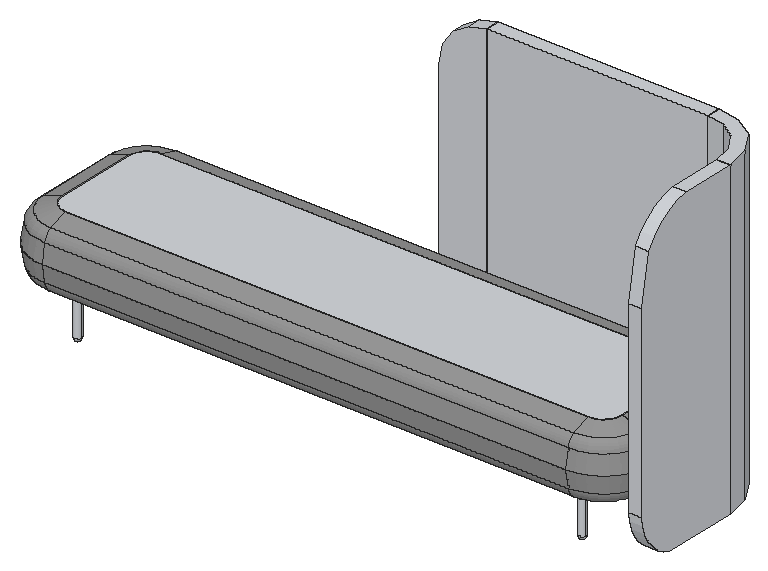
Revit family "Bernhardt-Design_Seating_ChapelleL_3-Seat_Right-Facing_Half-Wall", category Furniture, Revit 2013
Parameters (values of type "3 Seat Right Facing Half Wall")
  Model = "Chapelle"
  Mid Wall = 4' - 1.80644"
  Length = 8' - 1 1/2"
  Description = "Seating"
  Width = 2' - 4 1/4"
  URL = "http://bernhardtdesign.com/"
  Product Page URL = "http://www.bernhardtdesign.com/products/chapelle/index.html"
  Product Name = "Chapelle"
  Product Documentation Link = "http://www.bernhardtdesign.com/pdf/pricelists/sofas/Chapelle_PL.pdf"
  Manufacturer = "Bernhardt "  # constant formula
  Level Certification = ""
  Height = 3' - 11 3/8"
  GreenGuard Certification = ""
  Bernhardt Fabric = none
  Back Half Wall Measure = 1' - 5.7797"
  Back Half Wall = 2' - 9"
Reference planes (in)
  plane 1 "Center (Front/Back)": y = 0
  plane 2 "Bottom": z = 0
  plane 3 "Center (Left/Right)": x = 0
  plane 4: x = -24.90322
  plane 5: x = 24.90322
  plane 6 "Total Height": z = 47.375
  plane 7 "Seat Height": z = 16.87819
  plane 8 "Base": z = 0.76323
  plane 9: y = -1.50846
  plane 10: y = -18.00846
  plane 11 "seat front edge": y = -20.50934
  plane 12: x = -8.09678
Forms (in)
  Extrusion 1, solid
    sketch origin (0, 0, 0) x (1, 0, 0) y (0, 1, 0)
      loop
        line (-8.09678, 8.08149) -> (-8.09678, 6.08149) -> (24.90322, 6.08149) -> (24.90322, 8.08149) -> (-8.09678, 8.08149)
    from 0.76323 to 47.375
  Extrusion 2, solid
    sketch origin (0, 0, 0) x (1, 0, 0) y (0, 1, 0)
      loop
        line (24.90322, 8.08149) -> (24.90322, 6.03681) -> (27.54834, 5.47458) -> (30.03641, 3.8588) -> (31.64539, 1.38119) -> (32.2596, -1.50846) -> (34.30429, -1.50846) -> (33.52462, 2.15959) -> (31.48222, 5.30461) -> (28.32674, 7.3538) -> (24.90322, 8.08149)
    from 0.76323 to 47.375
  Extrusion 3, solid
    sketch origin (0, 0, 0) x (1, 0, 0) y (0, 1, 0)
      loop
        line (34.30429, -1.50846) -> (32.30429, -1.50846) -> (32.30429, -18.00846) -> (34.30429, -18.00846) -> (34.30429, -1.50846)
    from 0.76323 to 47.375
  Extrusion 4, void
    sketch origin (0, 0, 0) x (0, 1, 0) y (0, 0, 1)
      loop
        line (-9.75846, 47.375) -> (-9.75846, 53.875) -> (-24.50846, 53.875) -> (-18.00846, 29.97832)
        arc (-18.00846, 29.97832) -> (-17.92454, 36.30552) -> (-16.7009, 42.51385) r 34.94218
        arc (-16.7009, 42.51385) -> (-13.79438, 45.75091) -> (-9.75846, 47.375) r 9.61187
      loop
        line (-18.00846, 7.50157) -> (-23.08796, -4.465) -> (-12.78184, 0.76323)
        arc (-12.78184, 0.76323) -> (-16.52625, 3.25506) -> (-18.00846, 7.50157) r 7.06609
    from 0 to 44.91622
  Extrusion 5, solid
    sketch origin (0, 0, 0) x (1, 0, 0) y (0, 0, 1)
      loop
        line (-8.09678, 47.375) -> (-10.76509, 46.70971) -> (-13.09722, 45.25244) -> (-14.635, 42.97258) -> (-15.20743, 40.0277) -> (-15.20743, 7.5277) -> (-14.7299, 4.81948) -> (-13.15256, 2.56681) -> (-10.8999, 0.98948) -> (-8.09678, 0.40493) -> (-8.09678, 47.375)
    from -8.08149 to -6.08149
Cuts and joins
  Extrusion 4 cuts Extrusion 3
Lines and regions (in)
  symbolic lines
    curve 1: arc (-52.94637, 5.74652, 0) -> (-57.89612, 3.69626, 0) -> (-59.94637, -1.25348, 0) r 7
    curve 2: arc (-59.94637, -13.65652, 0) -> (-57.89612, -18.60626, 0) -> (-52.94637, -20.65652, 0) r 7
    curve 3: arc (32.05363, -13.65652, 0) -> (30.00337, -18.60626, 0) -> (25.05363, -20.65652, 0) r 7
    curve 4: line (24.69301, 6.08149, 0) -> (27.54834, 5.47458, 0)
    curve 5: line (27.54834, 5.47458, 0) -> (30.03641, 3.8588, 0)
    curve 6: line (30.03641, 3.8588, 0) -> (31.64539, 1.38119, 0)
    curve 7: line (31.64539, 1.38119, 0) -> (32.30429, -1.71867, 0)
    curve 8: line (32.30429, -1.71867, 0) -> (32.30429, -18.00846, 0)
    curve 9: line (32.30429, -18.00846, 0) -> (34.30429, -18.00846, 0)
    curve 10: line (34.30429, -18.00846, 0) -> (34.30429, -1.50846, 0)
    curve 11: line (34.30429, -1.50846, 0) -> (33.52462, 2.15959, 0)
    curve 12: line (33.52462, 2.15959, 0) -> (31.48222, 5.30461, 0)
    curve 13: line (31.48222, 5.30461, 0) -> (28.32674, 7.3538, 0)
    curve 14: line (28.32674, 7.3538, 0) -> (24.90322, 8.08149, 0)
    curve 15: line (24.90322, 8.08149, 0) -> (-8.09678, 8.08149, 0)
    curve 16: line (-8.09678, 6.08149, 0) -> (24.69301, 6.08149, 0)
    curve 17: line (-15.20743, 8.08149, 0) -> (-15.20743, 6.08149, 0)
    curve 18: line (-8.09678, 8.08149, 0) -> (-15.20743, 8.08149, 0)
    curve 19: line (-15.20743, 6.08149, 0) -> (-8.09678, 6.08149, 0)
    curve 20: line (-59.94637, -1.25348, 0) -> (-59.94637, -13.65652, 0)
    curve 21: line (-52.94637, -20.65652, 0) -> (25.05363, -20.65652, 0)
    curve 22: line (-52.94637, 5.74652, 0) -> (25.55363, 5.74652, 0)
    curve 23: line (32.05363, -13.65652, 0) -> (32.05363, -0.5394, 0)
Dimensions and locks (in)
  "Height": plane 6 "Total Height" to level
  Extrusion 3 to plane 1 "Center (Front/Back)" = 0' - 1.50846"
  "Back Half Wall": plane 12 to plane 5
  locked: plane 12 to cut or joined group of Extrusion 3, Extrusion 4 at 40.40106
  aligned and locked: plane 2 "Bottom" to level
  aligned and locked: Extrusion 1 sketch curve to plane 5
  aligned and locked: Extrusion 1 to plane 8 "Base"
  aligned and locked: plane 6 "Total Height" to Extrusion 1
  aligned and locked: plane 6 "Total Height" to Extrusion 2
  aligned and locked: Extrusion 2 to plane 8 "Base"
  aligned and locked: Extrusion 1 to Extrusion 3
  aligned and locked: Extrusion 3 to plane 8 "Base"
  aligned and locked: plane 6 "Total Height" to Extrusion 3
  aligned and locked: Extrusion 2 to Extrusion 1  (x2)
  aligned and locked: Extrusion 3 to Extrusion 2
  aligned and locked: Extrusion 5 sketch curve to plane 12
  aligned and locked: Extrusion 1 to Extrusion 5
  aligned and locked: Extrusion 5 to Extrusion 1
Automatic sketch dimensions
  Extrusion 2 sketch curve to plane 5 = 0' - 0"
  Extrusion 2 sketch curve to plane 1 "Center (Front/Back)" = 0' - 1.38119"
  plane 5 to Extrusion 2 sketch curve = 0' - 2.64512"
  Extrusion 2 sketch curve to Extrusion 2 sketch curve = 0' - 0.7784"
  Extrusion 2 sketch curve to Extrusion 2 sketch curve = 0' - 2.48808"
  Extrusion 2 sketch curve to Extrusion 2 sketch curve = 0' - 1.44581"  (x2)
  Extrusion 2 sketch curve to Extrusion 2 sketch curve = 0' - 1.60898"
  Extrusion 2 sketch curve to plane 1 "Center (Front/Back)" = 0' - 2.15959"
  Extrusion 2 sketch curve to Extrusion 2 sketch curve = 0' - 1.87923"  (x2)
  Extrusion 2 sketch curve to Extrusion 2 sketch curve = 0' - 0.61421"
  Extrusion 2 sketch curve to Extrusion 2 sketch curve = 0' - 2.04468"  (x2)
  plane 1 "Center (Front/Back)" to Extrusion 2 sketch curve = 0' - 1.50846"
  Extrusion 2 sketch curve to Extrusion 2 sketch curve = 0' - 2.47761"
  Extrusion 2 sketch curve to Extrusion 2 sketch curve = 0' - 1.61577"
  Extrusion 2 sketch curve to Extrusion 2 sketch curve = 0' - 0.72769"
  plane 5 to Extrusion 3 sketch curve = 0' - 7.40106"
  plane 1 "Center (Front/Back)" to Extrusion 3 sketch curve = 1' - 6.00846"
  Extrusion 3 sketch curve to Extrusion 3 sketch curve = 0' - 2"
  plane 1 "Center (Front/Back)" to Extrusion 3 sketch curve = 0' - 1.50846"
  Extrusion 4 sketch curve to plane 8 "Base" = 0' - 0"
  Extrusion 4 sketch curve to plane 6 "Total Height" = 0' - 0"
  plane 6 "Total Height" to Extrusion 4 sketch curve = 0' - 6 1/2"
  plane 1 "Center (Front/Back)" to Extrusion 4 sketch curve = 2' - 0.50846"
  Extrusion 4 sketch curve to level = 0' - 4.465"
  plane 1 "Center (Front/Back)" to Extrusion 4 sketch curve = 1' - 11.08796"
  plane 7 "Seat Height" to Extrusion 4 sketch curve = 1' - 1.10012"
  plane 1 "Center (Front/Back)" to Extrusion 4 sketch curve = 1' - 6.00846"
  plane 8 "Base" to Extrusion 4 sketch curve = 0' - 6.73834"
  Extrusion 4 sketch curve to Extrusion 4 sketch curve = 0' - 5.0795"
  Extrusion 4 sketch curve to Extrusion 4 sketch curve = 0' - 5.22662"
  plane 1 "Center (Front/Back)" to Extrusion 4 sketch curve = 0' - 9.75846"
  Extrusion 4 sketch curve to plane 6 "Total Height" = 0' - 4.86115"
  Extrusion 4 sketch curve to Extrusion 4 sketch curve = 0' - 6.94244"
  plane 8 "Base" to Extrusion 4 sketch curve = 0' - 6.8226"
  plane 1 "Center (Front/Back)" to Extrusion 4 sketch curve = 0' - 8 9/32"
  Extrusion 4 sketch curve to plane 6 "Total Height" = 1' - 2.69456"
  Extrusion 1 sketch curve to plane 1 "Center (Front/Back)" = 0' - 6.08149"
  Extrusion 1 sketch curve to Extrusion 1 sketch curve = 0' - 2"
  Extrusion 1 sketch curve to plane 12 = 0' - 0"
  Extrusion 5 sketch curve to plane 6 "Total Height" = 0' - 0"
  Extrusion 5 sketch curve to plane 8 "Base" = 0' - 0.3583"
  Extrusion 5 sketch curve to plane 6 "Total Height" = 0' - 0.66529"
  plane 12 to Extrusion 5 sketch curve = 0' - 2.66831"
  plane 8 "Base" to Extrusion 5 sketch curve = 0' - 0.22625"
  plane 12 to Extrusion 5 sketch curve = 0' - 2.80312"
  Extrusion 5 sketch curve to plane 6 "Total Height" = 0' - 2.12256"
  Extrusion 5 sketch curve to Extrusion 5 sketch curve = 0' - 2.33213"
  plane 8 "Base" to Extrusion 5 sketch curve = 0' - 1.80358"
  Extrusion 5 sketch curve to Extrusion 5 sketch curve = 0' - 2.25267"  (x2)
  Extrusion 5 sketch curve to Extrusion 5 sketch curve = 0' - 1.53778"
  Extrusion 5 sketch curve to Extrusion 5 sketch curve = 0' - 1.57734"
  Extrusion 5 sketch curve to Extrusion 5 sketch curve = 0' - 0.57243"
  Extrusion 5 sketch curve to Extrusion 5 sketch curve = 0' - 2.70822"
  Extrusion 5 sketch curve to Extrusion 5 sketch curve = 0' - 5.22473"
  Extrusion 5 sketch curve to Extrusion 5 sketch curve = 0' - 2.27985"
  curve 19 to plane 12 = 0' - 0"
  curve 18 to plane 12 = 0' - 0"
  curve 14 to plane 5 = 0' - 0"
  plane 10 to curve 9 = 0' - 0"
  plane 9 to curve 11 = 0' - 0"
  curve 21 to plane 11 "seat front edge" = 0' - 0.14718"
  curve 17 to curve 15 = 0' - 7.11065"
  plane 4 to curve 21 = 2' - 4.04315"
  curve 22 to plane 1 "Center (Front/Back)" = 0' - 5.74652"
  curve 22 to curve 2 = 0' - 0"
  curve 20 to plane 10 = 0' - 4.35194"
  curve 4 to plane 5 = 0' - 0.21021"
  plane 5 to curve 21 = 0' - 0.1504"
  plane 5 to curve 4 = 0' - 2.64512"
  curve 4 to curve 13 = 0' - 0.7784"
  curve 4 to curve 6 = 0' - 2.48808"
  curve 5 to curve 13 = 0' - 1.44581"
  curve 5 to curve 6 = 0' - 1.60898"
  plane 9 to curve 7 = 0' - 0.21021"
  curve 6 to curve 7 = 0' - 0.6589"
  curve 11 to plane 1 "Center (Front/Back)" = 0' - 2.15959"
  curve 6 to curve 11 = 0' - 1.87923"
  curve 7 to curve 11 = 0' - 2"
  plane 5 to curve 22 = 0' - 0.6504"
  curve 23 to curve 8 = 0' - 0.25066"
  curve 6 to curve 5 = 0' - 2.47761"
  curve 5 to curve 12 = 0' - 1.44581"
  curve 4 to curve 22 = 0' - 0.27194"
  curve 22 to curve 16 = 0' - 0.33498"
  curve 4 to curve 13 = 0' - 1.87923"
  curve 16 to curve 15 = 0' - 2"
  plane 1 "Center (Front/Back)" to curve 23 = 0' - 0.5394"
Nested families (in)
  nested 1: "Bernhardt-Design_Seating_ChapelleL_3-Seat_Bench" at (-14.10445, 10.96527, 0), type "3 seater bench"
Definition of nested family "Bernhardt-Design_Seating_ChapelleL_3-Seat_Bench"
  Parameters (values of type "3 seater bench")
    Width = 1' - 10 7/8"
    Model = "Chapelle 3 Seat Bench"
    Manufacturer = "Bernhardt"
    Length = 7' - 8"
    Height = 1' - 6"
    Description = "Seating"
    Bernhardt Metal = none
    Bernhardt Fabrics = Fabric-Bernhardt-White
  Reference planes (in)
    plane 1: z = 0
    plane 2: z = 47.125
    plane 3: y = -5.21875
    plane 4 "mid seat": z = 11.85004
    plane 5 "op seat": z = 16.98912
    plane 6: x = -1.59193
    plane 7 "front edge of bench": y = -31.62178
    plane 8 "Bench center": y = -18.53536
    plane 9: x = -45.84193
    plane 10: x = -37.46693
    plane 11: y = -10.00733
    plane 12: y = -26.79581
    plane 13: x = 46.15807
    plane 14: x = 37.78307
    plane 15: z = 11.85004
  Forms (in)
    Revolve 1, solid
      sketch origin (-15.73798, -26.79581, 0) x (0, 0, -1) y (1, 0, 0)
        loop
          line (-6.88986, -21.72633) -> (0, -21.72633)
          arc (0, -21.72633) -> (-0.20612, -21.34815) -> (-0.60963, -21.19754) r 0.6158
          line (-0.60963, -21.19754) -> (-5.60963, -21.19754)
          arc (-5.60963, -21.19754) -> (-6.34307, -20.9291) -> (-6.71097, -20.24015) r 1.0948
          line (-6.71097, -20.24015) -> (-6.83424, -20.24015) -> (-6.88986, -20.44772) -> (-6.88986, -21.72633)
        axis (-6.88986, -21.72633) -> (0, -21.72633)
      angle from 0 to 360
    Revolve 2, solid
      sketch origin (-15.66149, -10.00733, 0) x (0, 0, -1) y (-1, 0, 0)
        loop
          line (-6.88986, 21.72633) -> (-6.88986, 20.44772) -> (-6.83424, 20.24015) -> (-6.71097, 20.24015)
          arc (-6.71097, 20.24015) -> (-6.34307, 20.9291) -> (-5.60963, 21.19754) r 1.0948
          line (-5.60963, 21.19754) -> (-0.60963, 21.19754)
          arc (-0.60963, 21.19754) -> (-0.20612, 21.34815) -> (0, 21.72633) r 0.6158
          line (0, 21.72633) -> (-6.88986, 21.72633)
        axis (-6.88986, 21.72633) -> (0, 21.72633)
      angle from 0 to 360
    Sweep 3, solid, material "Fabric-Bernhardt-White"
      path origin (0, 0, 6.71097) x (0, 1, 0) y (-1, 0, 0)
        loop
          arc (-5.21875, 38.84193) -> (-7.269, 43.79167) -> (-12.21875, 45.84193) r 7
          line (-12.21875, 45.84193) -> (-24.62178, 45.84193)
          arc (-24.62178, 45.84193) -> (-29.57153, 43.79167) -> (-31.62178, 38.84193) r 7
          line (-31.62178, 38.84193) -> (-31.62178, -39.15807)
          arc (-31.62178, -39.15807) -> (-29.57153, -44.10782) -> (-24.62178, -46.15807) r 7
          line (-24.62178, -46.15807) -> (-12.21875, -46.15807)
          arc (-12.21875, -46.15807) -> (-7.269, -44.10782) -> (-5.21875, -39.15807) r 7
          line (-5.21875, -39.15807) -> (-5.21875, 38.84193)
      profile origin (0.15807, -5.21875, 6.71097) x (0, 1, 0) y (0, 0, 1)
        loop
          line (0, 5.13907) -> (-4.32844, 5.13907) -> (-4.32844, 0) -> (-1.55892, 0.88647)
          arc (-1.55892, 0.88647) -> (-0.84704, 1.53879) -> (-0.47753, 2.43085) r 2.23055
          line (-0.47753, 2.43085) -> (0, 5.13907)
    Extrusion 4, solid
      sketch origin (0, 0, 16.98912) x (-1, 0, 0) y (0, -1, 0)
        loop
          arc (-39.15807, 27.29334) -> (-41.04715, 26.51086) -> (-41.82963, 24.62178) r 2.67156
          line (-41.82963, 24.62178) -> (-41.82963, 12.21875)
          arc (-41.82963, 12.21875) -> (-41.04715, 10.32967) -> (-39.15807, 9.54719) r 2.67156
          line (-39.15807, 9.54719) -> (38.84193, 9.54719)
          arc (38.84193, 9.54719) -> (40.731, 10.32967) -> (41.51348, 12.21875) r 2.67156
          line (41.51348, 12.21875) -> (41.51348, 24.62178)
          arc (41.51348, 24.62178) -> (40.731, 26.51086) -> (38.84193, 27.29334) r 2.67156
          line (38.84193, 27.29334) -> (-39.15807, 27.29334)
      from 0 to -5.13907
    Revolve 5, solid
      sketch origin (12.55413, -26.79581, 0) x (0, 0, -1) y (1, 0, 0)
        loop
          line (-6.88986, 25.22633) -> (-6.88986, 23.94772) -> (-6.83424, 23.74015) -> (-6.71097, 23.74015)
          arc (-6.71097, 23.74015) -> (-6.34307, 24.4291) -> (-5.60963, 24.69754) r 1.0948
          line (-5.60963, 24.69754) -> (-0.60963, 24.69754)
          arc (-0.60963, 24.69754) -> (-0.20612, 24.84815) -> (0, 25.22633) r 0.6158
          line (0, 25.22633) -> (-6.88986, 25.22633)
        axis (-6.88986, 25.22633) -> (0, 25.22633)
      angle from 0 to 360
    Revolve 6, solid
      sketch origin (12.47764, -10.00733, 0) x (0, 0, -1) y (-1, 0, 0)
        loop
          line (-6.88986, -25.22633) -> (0, -25.22633)
          arc (0, -25.22633) -> (-0.20612, -24.84815) -> (-0.60963, -24.69754) r 0.6158
          line (-0.60963, -24.69754) -> (-5.60963, -24.69754)
          arc (-5.60963, -24.69754) -> (-6.34307, -24.4291) -> (-6.71097, -23.74015) r 1.0948
          line (-6.71097, -23.74015) -> (-6.83424, -23.74015) -> (-6.88986, -23.94772) -> (-6.88986, -25.22633)
        axis (-6.88986, -25.22633) -> (0, -25.22633)
      angle from 0 to 360
    Sweep 7, solid, material "Fabric-Bernhardt-White"
      path origin (0, 0, 16.98912) x (-1, 0, 0) y (0, -1, 0)
        loop
          arc (38.84193, 5.21875) -> (43.79167, 7.269) -> (45.84193, 12.21875) r 7
          line (45.84193, 12.21875) -> (45.84193, 24.62178)
          arc (45.84193, 24.62178) -> (43.79167, 29.57153) -> (38.84193, 31.62178) r 7
          line (38.84193, 31.62178) -> (-39.15807, 31.62178)
          arc (-39.15807, 31.62178) -> (-44.10782, 29.57153) -> (-46.15807, 24.62178) r 7
          line (-46.15807, 24.62178) -> (-46.15807, 12.21875)
          arc (-46.15807, 12.21875) -> (-44.10782, 7.269) -> (-39.15807, 5.21875) r 7
          line (-39.15807, 5.21875) -> (38.84193, 5.21875)
      profile origin (0.15807, -5.21875, 16.98912) x (0, 1, 0) y (0, 0, 1)
        loop
          line (0, -5.13907) -> (-0.47753, -2.43085)
          arc (-0.47753, -2.43085) -> (-0.84704, -1.53879) -> (-1.55892, -0.88647) r 2.23055
          line (-1.55892, -0.88647) -> (-4.32844, 0) -> (-4.32844, -5.13907) -> (0, -5.13907)
  Lines and regions (in)
    symbolic lines
      curve 1: arc (-38.84193, -5.21875, 16.98912) -> (-43.79167, -7.269, 16.98912) -> (-45.84193, -12.21875, 16.98912) r 7
      curve 2: arc (-45.84193, -24.62178, 16.98912) -> (-43.79167, -29.57153, 16.98912) -> (-38.84193, -31.62178, 16.98912) r 7
      curve 3: line (-45.84193, -12.21875, 16.98912) -> (-45.84193, -24.62178, 16.98912)
      curve 4: arc (39.15807, -5.21875, 16.98912) -> (44.10782, -7.269, 16.98912) -> (46.15807, -12.21875, 16.98912) r 7
      curve 5: arc (46.15807, -24.62178, 16.98912) -> (44.10782, -29.57153, 16.98912) -> (39.15807, -31.62178, 16.98912) r 7
      curve 6: line (46.15807, -12.21875, 16.98912) -> (46.15807, -24.62178, 16.98912)
      curve 7: line (-38.84193, -5.21875, 16.98912) -> (39.15807, -5.21875, 16.98912)
      curve 8: line (-38.84193, -31.62178, 16.98912) -> (39.15807, -31.62178, 16.98912)
  Dimensions and locks (in)
    locked: plane 2 to level at 47.125
    locked: plane 9 to plane 10 at 8.375
    locked: plane 13 to plane 14 at 8.375
    "Length": plane 9 to plane 13
    plane 3 to plane 11 to plane 8 "Bench center" = 0' - 4.78858", 0' - 8.52803"
    plane 8 "Bench center" to plane 12 to plane 7 "front edge of bench" = 0' - 8.26046", 0' - 4.82597"
    plane 15 to plane 5 "op seat" to plane 2 = 0' - 5.13907", 2' - 6.13588"
    aligned and locked: level to plane 1
    aligned and locked: Extrusion 4 to plane 4 "mid seat"
    aligned and locked: plane 11 to Revolve 2
    aligned and locked: plane 12 to Revolve 1
    aligned and locked: plane 9 to Sweep 3 sketch curve
    aligned and locked: plane 13 to Sweep 3 sketch curve
    aligned and locked: Extrusion 4 to Sweep 3  (x2)
  Automatic sketch dimensions
    Revolve 1 sketch curve to level = 0' - 0"  (x2)
    plane 10 to Revolve 1 sketch curve = 0' - 0.00262"
    level to Revolve 1 sketch curve = 0' - 0.60963"
    plane 10 to Revolve 1 sketch curve = 0' - 0.53141"
    Revolve 1 sketch curve to Revolve 1 sketch curve = 0' - 5"
    Revolve 1 sketch curve to Revolve 1 sketch curve = 0' - 1.10134"
    plane 10 to Revolve 1 sketch curve = 0' - 1.48879"
    Revolve 1 sketch curve to Revolve 1 sketch curve = 0' - 0.12327"
    Revolve 1 sketch curve to Revolve 1 sketch curve = 0' - 1.28023"
    Revolve 1 sketch curve to Revolve 1 sketch curve = 0' - 0"  (x2)
    Revolve 1 sketch curve to Revolve 1 sketch curve = 0' - 1.08616"
    Revolve 1 sketch curve to Revolve 1 sketch curve = 0' - 0.20756"
    Revolve 2 sketch curve to level = 0' - 0"  (x2)
    plane 10 to Revolve 2 sketch curve = 0' - 1.56528"
    level to Revolve 2 sketch curve = 0' - 0.60963"
    plane 10 to Revolve 2 sketch curve = 0' - 0.6079"
    Revolve 2 sketch curve to Revolve 2 sketch curve = 0' - 5"
    Revolve 2 sketch curve to Revolve 2 sketch curve = 0' - 1.10134"
    Revolve 2 sketch curve to Revolve 2 sketch curve = 0' - 0.12327"
    plane 10 to Revolve 2 sketch curve = 0' - 0.07911"
    Revolve 2 sketch curve to Revolve 2 sketch curve = 0' - 1.28023"
    Revolve 2 sketch curve to Revolve 2 sketch curve = 0' - 0"  (x2)
    Revolve 2 sketch curve to Revolve 2 sketch curve = 0' - 0.01519"
    Revolve 2 sketch curve to Revolve 2 sketch curve = 0' - 0.20756"
    Sweep 3 sketch curve to plane 7 "front edge of bench" = 0' - 0"
    plane 3 to Sweep 3 sketch curve = 0' - 0"
    Sweep 3 sketch curve to plane 14 = 0' - 1 3/8"
    Sweep 3 sketch curve to plane 12 = 0' - 2.17403"
    plane 11 to Sweep 3 sketch curve = 0' - 2.21142"  (x2)
    Sweep 3 sketch curve to profile plane = 0' - 0"  (x2)
    profile plane to Sweep 3 sketch curve = 0' - 0.88647"
    profile plane to Sweep 3 sketch curve = 0' - 0.47753"
    profile plane to Sweep 3 sketch curve = 0' - 1.55892"
    Sweep 3 sketch curve to Sweep 3 sketch curve = 0' - 2 197/256"
    Sweep 3 sketch curve to Sweep 3 sketch curve = 0' - 2.19666"
    Sweep 3 sketch curve to Sweep 3 sketch curve = 0' - 1.54438"
    Sweep 3 sketch curve to Sweep 3 sketch curve = 0' - 2.70822"
    Extrusion 4 sketch curve to plane 14 = 0' - 4.04656"
    Extrusion 4 sketch curve to plane 11 = 0' - 0.46014"
    Extrusion 4 sketch curve to plane 14 = 0' - 1 3/8"  (x2)
    plane 12 to Extrusion 4 sketch curve = 0' - 0.49752"
    Extrusion 4 sketch curve to plane 10 = 0' - 1 3/8"  (x2)
    Extrusion 4 sketch curve to plane 12 = 0' - 2.17403"
    Revolve 5 sketch curve to level = 0' - 0"  (x2)
    plane 14 to Revolve 5 sketch curve = 0' - 1.48879"
    level to Revolve 5 sketch curve = 0' - 0.60963"
    plane 14 to Revolve 5 sketch curve = 0' - 0.53141"
    Revolve 5 sketch curve to Revolve 5 sketch curve = 0' - 5"
    Revolve 5 sketch curve to Revolve 5 sketch curve = 0' - 1.10134"
    Revolve 5 sketch curve to Revolve 5 sketch curve = 0' - 0.12327"
    plane 14 to Revolve 5 sketch curve = 0' - 0.00262"
    Revolve 5 sketch curve to Revolve 5 sketch curve = 0' - 1.28023"
    Revolve 5 sketch curve to Revolve 5 sketch curve = 0' - 0"  (x2)
    Revolve 5 sketch curve to Revolve 5 sketch curve = 0' - 0.01519"
    Revolve 5 sketch curve to Revolve 5 sketch curve = 0' - 0.20756"
    Revolve 6 sketch curve to level = 0' - 0"  (x2)
    plane 14 to Revolve 6 sketch curve = 0' - 0.07911"
    level to Revolve 6 sketch curve = 0' - 0.60963"
    plane 14 to Revolve 6 sketch curve = 0' - 0.6079"
    Revolve 6 sketch curve to Revolve 6 sketch curve = 0' - 5"
    Revolve 6 sketch curve to Revolve 6 sketch curve = 0' - 1.10134"
    plane 14 to Revolve 6 sketch curve = 0' - 1.56528"
    Revolve 6 sketch curve to Revolve 6 sketch curve = 0' - 0.12327"
    Revolve 6 sketch curve to Revolve 6 sketch curve = 0' - 1.28023"
    Revolve 6 sketch curve to Revolve 6 sketch curve = 0' - 0"  (x2)
    Revolve 6 sketch curve to Revolve 6 sketch curve = 0' - 1.08616"
    Revolve 6 sketch curve to Revolve 6 sketch curve = 0' - 0.20756"
    Sweep 7 sketch curve to plane 13 = 0' - 0"
    Sweep 7 sketch curve to plane 7 "front edge of bench" = 0' - 0"
    plane 3 to Sweep 7 sketch curve = 0' - 0"
    Sweep 7 sketch curve to plane 9 = 0' - 0"
    plane 11 to Sweep 7 sketch curve = 0' - 2.21142"
    Sweep 7 sketch curve to plane 14 = 0' - 1 3/8"
    Sweep 7 sketch curve to plane 10 = 0' - 1 3/8"  (x2)
    Sweep 7 sketch curve to profile plane = 0' - 0"  (x2)
    Sweep 7 sketch curve to profile plane = 0' - 5.13907"
    profile plane to Sweep 7 sketch curve = 0' - 0.47753"
    profile plane to Sweep 7 sketch curve = 0' - 1.55892"
    Sweep 7 sketch curve to Sweep 7 sketch curve = 0' - 2 197/256"
    Sweep 7 sketch curve to Sweep 7 sketch curve = 0' - 1.11527"
    Sweep 7 sketch curve to profile plane = 0' - 2.43085"
    Sweep 7 sketch curve to profile plane = 0' - 0.88647"
    curve 6 to plane 13 = 0' - 0"
    plane 3 to curve 7 = 0' - 0"
    curve 8 to plane 7 "front edge of bench" = 0' - 0"
    curve 3 to plane 9 = 0' - 0"
    plane 11 to curve 6 = 0' - 2.21142"
    curve 8 to plane 14 = 0' - 1 3/8"
    curve 7 to plane 10 = 0' - 1 3/8"
    curve 8 to plane 10 = 0' - 1 3/8"
